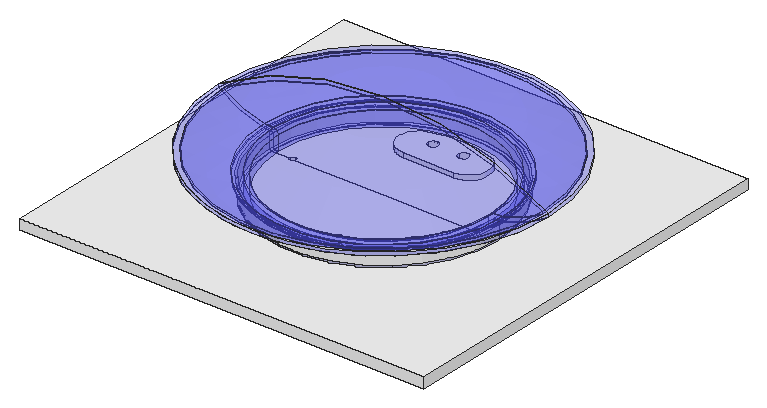
Revit family "BE_51236_de_DE", category Leuchten, Revit 2020
Family settings
  Basisbauteil = Fläche
  Bemaßung runder Anschluss = Durchmesser verwenden
  Teiletyp = Normal
  Beim Laden mit Abzugskörper schneiden = Ja
  Lichtquelle = Ja
  Gemeinsam genutzt = Nein
  Raumberechnungspunkt = Ja
Parameters (values of type "BEGA_51236_K3")
  built-in parameter 1150104 = 13.816 (stored number, unit not read)
  Wattage = 11.6 W
  Default Elevation = 0 mm
  built-in parameter 1150113 = 1 (stored number, unit not read)
  built-in parameter 1114218 = 1 (stored number, unit not read)
  Umgebungstemperatur = "25 °C"
  URL = "https://www.bega.com/de/produkt/51236"
  Typenkommentare = "© 2023 BEGA. Wir behalten uns das Recht vor, technische Änderungen ohne vorherige Ankündigung vorzunehmen."  # constant formula
  built-in parameter 1150134 = (empty or 0)
  built-in parameter 1150109 = 1 (stored number, unit not read)
  Strom = ""
  built-in parameter 1150110 = 1 (stored number, unit not read)
  Spannung = 230 V
  Sonderanfertigung = no
  Seriennummer [instance] = "Hier können Sie die eindeutige Seriennummer für das Facility Management eintragen."
  Schutzklasse = "I"
  Schutzart = "IP 20"
  Scheinlast = 0 VA
  Produktdatenblatt = "https://cdn.bega.com/bega/products/51236K27/current/documents/data-sheets/de"
  Oberflächentemperatur = ""
  Neigungswinkel = 0.00°
  Modell = "51236K3"
  Material_34 = BEGA_Oberfläche_Samtweiss_matt
  Material_11 = BEGA_Glas_opal
  M_W = no
  M_G = no
  M_A = no
  Logo = 0
  built-in parameter 1114217 = 1 (stored number, unit not read)
  built-in parameter 1150139 = (empty or 0)
  built-in parameter 1150105 = 1725 (stored number, unit not read)
  built-in parameter 1150114 = 1 (stored number, unit not read)
  Lumens = 1725.04 lm
  built-in parameter 1150115 = 1 (stored number, unit not read)
  Leuchtenlichtstrom = "1087 lm"
  Leuchtenanzahl = ""
  Lebensdauerkriterien = "L70B50 @ 25 °C = 200000 h"
  Lastklassifizierung = Beleuchtung
  built-in parameter 1150112 = 1 (stored number, unit not read)
  Lampenlichtstrom = "1725 lm"
  Lampe = "LED 11.6 W"
  LED_Modulbezeichnung = "LED-0509/930"
  Hersteller = "BEGA"  # constant formula
  Halbstreuwinkel = ""
  Gewicht = "2.1 kg"
  Gebrauchslageneinschränkung [instance] = ""
  Frequenz = "50 Hz"
  Farbwiedergabeindex = "CRI > 90"
  Farbtemperaturverschiebung bei Dämpfen der Lampe = <Keine Auswahl>
  Farbtemperatur = "3000 K"
  Color Filter = 16777215
  built-in parameter 1150133 = 10 (stored number, unit not read)
  Energieeffizienzklasse = "LED A++ - A"
  built-in parameter 1150137 = (empty or 0)
  built-in parameter 1150132 = (empty or 0)
  ENEC = ""
  Dimmbar [instance] = ""
  Datei für fotometrisches Netz = "BE_51236K3.ies"
  CE_Konformität = "ja"
  Bestellnummer = "51236K3"
  Beschreibung_Sonderanfertigung = "Hier können Sie Informationen zur Sonderanfertigung eintragen."
  Beschreibung = "Decken- und Wandleuchte"
  built-in parameter 1150106 = 17.25 (stored number, unit not read)
  Befestigungsbohrung = "Ø 5,5 mm"
  Befestigungsabstand = "180 mm"
  Ballwurfsicher = ""
  BEGA_Intern_aus = yes
  BEGA_Intern_an = yes
  BEGA_Intern_Konstruktion = yes
  BEGA_Intern = yes
  BEGA_IES = yes
  BEGA_Dummy = no
  Anschlussleitung = ""
  Anschlussleistung [instance] = "16.8 W"
  Anschlusskasten = ""
  built-in parameter 1150107 = 3000 (stored number, unit not read)
  built-in parameter 1150102 = (empty or 0)
  built-in parameter 1150138 = (empty or 0)
  Aktualisierung = "2023-01-24T04:00:04"
  Abstand_zur_angestrahlten_Fläche [instance] = ""
  AC/DC = "AC"
Types (2, lengths in mm): name | built-in parameter 1150104 | Modell | built-in parameter 1150105 | Lumens | Leuchtenlichtstrom | Lampenlichtstrom | LED_Modulbezeichnung | Farbtemperatur | Datei für fotometrisches Netz | Bestellnummer | built-in parameter 1150106 | built-in parameter 1150107
  BEGA_51236_K27 | 13.375 (stored number, unit not read) | "51236K27" | 132.9 (stored number, unit not read) | 1670.05 lm | "1052 lm" | "1670 lm" | "LED-0509/927" | "2700 K" | "BE_51236K27.ies" | "51236K27" | 1.329 (stored number, unit not read) | 2700 (stored number, unit not read)
  BEGA_51236_K3 | 13.816 (stored number, unit not read) | "51236K3" | 1725 (stored number, unit not read) | 1725.04 lm | "1087 lm" | "1725 lm" | "LED-0509/930" | "3000 K" | "BE_51236K3.ies" | "51236K3" | 17.25 (stored number, unit not read) | 3000 (stored number, unit not read)
Reference planes
  plane 1 "Mitte (Vorne/Hinten)": y = 0
  plane 2: z = 0
  plane 3 "Mitte (Links/Rechts)": x = 0
  plane 4 "Links": x = -163.5
  plane 5 "Rechts": x = 163.5
  plane 6 "Unten": y = -163.5
  plane 7 "Oben": y = 163.5
  plane 8 "Vorne": z = 90.382
  plane 9 "Hinten": z = 0
Forms (mm)
  Extrusion 1, solid, material "BEGA_Platte_Weiss"
    sketch origin (0, -1119.2, 0) x (1, 0, 0) y (0, 1, 0)
      loop
        line (-200, 1319.2) -> (-200, 919.2) -> (200, 919.2) -> (200, 1319.2) -> (-200, 1319.2)
    from 0 to -10
  Extrusion 2, solid, material "BEGA_Dummy_matt", visible <- "BEGA_Dummy"
    sketch origin (77.149, -76.023, 0) x (1, 0, 0) y (0, 1, 0)
      loop
        circle (-77.149, 76.023) r 163.501
    from 0 to 90.382
Dimensions and locks
  plane 1 "Mitte (Vorne/Hinten)" to Extrusion 1 = 200 mm
  aligned and locked: Extrusion 1 to plane 2
  aligned and locked: level to Extrusion 1
Nested families
  nested 1: "BE_51236_Leuchte" at (0, 0, 0), type "BE_51236_Leuchte"
Connectors
  electrical at (0, 0, 0), driven by "Lastklassifizierung", driven by "Spannung", driven by "Scheinlast"
    settings: index 1, voltage 230 V, apparent load 0 VA, apparent load phase1 0 VA, apparent load phase2 0 VA, apparent load phase3 0 VA, power factor 1, load classification "Beleuchtung", number of poles 1, system type 31, power factor state 1, is connector primary yes, connector utility no, sub classification motor no, connector description ""
Definition of nested family "BE_51236_Leuchte"
  Parameters (values of type "BE_51235_Leuchte")
    Default Elevation = 1 mm
    URL = "http://www.bega.de/de/produkt"
    Type Comments = "© 2015 BEGA. Wir behalten uns das Recht vor, technische Änderungen ohne vorherige Ankündigung vorzunehmen. "  # constant formula
    Type Image = (empty or 0)
    Material_34 = none
    Material_11 = none
    Länge_Platte = 200 mm  # constant formula
    Höhe_Platte = -10 mm  # constant formula
    Manufacturer = "BEGA"  # constant formula
    Breite_Platte = 200 mm  # constant formula
  Reference planes
    plane 1 "Mitte (Oben/Unten)": y = 0
    plane 2: z = 0
    plane 3 "Mitte (Links/Rechts)": x = 0
    plane 4: x = 163.5
    plane 5: x = -163.5
    plane 6: z = 0
    plane 7: z = 90.382
    plane 8: y = 163.5
    plane 9: y = -163.5
  Forms (mm)
    Extrusion 1, solid, detail levels medium
      sketch origin (0, 0, 0) x (1, 0, 0) y (0, 1, 0)
        loop
          line (-100, 100) -> (-100, -100) -> (100, -100) -> (100, 100) -> (-100, 100)
      from 0 to -10 <- "Höhe_Platte"
    Revolve 2, solid, material <- "Material_34"
      sketch origin (0, 0, 0) x (1, 0, 0) y (0, 0, 1)
        loop
          line (117.5, 19.8) -> (117.5, 20.8) -> (115.331, 20.8)
          arc (115.331, 20.8) -> (114.063, 20.284) -> (113.524, 19.025) r 1.8
          line (113.524, 19.025) -> (113.276, 4.774)
          arc (113.276, 4.774) -> (112.827, 3.73) -> (111.776, 3.3) r 1.5
          line (111.776, 3.3) -> (0, 3.3) -> (0, 2.3) -> (111.776, 2.3)
          arc (111.776, 2.3) -> (113.528, 3.017) -> (114.276, 4.756) r 2.5
          line (114.276, 4.756) -> (114.524, 19.01)
          arc (114.524, 19.01) -> (114.764, 19.571) -> (115.329, 19.8) r 0.8
          line (115.329, 19.8) -> (117.5, 19.8)
        axis (0, 2.3) -> (0, 20.8)
      angle from 0 to 360
    Extrusion 3, solid, material <- "Material_34"
      sketch origin (0, 0, 0) x (1, 0, 0) y (0, 1, 0)
        loop
          circle (-90, 0) r 7.599
        loop
          circle (90, 0) r 7.599
      from 0 to 2.285
    Extrusion 4, void
      sketch origin (0, 0, 0) x (1, 0, 0) y (0, 1, 0)
        loop
          circle (-90, 0) r 2.75
        loop
          circle (90, 0) r 2.75
      from 0 to 3.254
    Extrusion 5, solid, material <- "Material_34"
      sketch origin (0, 0, 0) x (1, 0, 0) y (0, 1, 0)
        loop
          arc (31.069, 92.586) -> (0, 97.66) -> (-31.069, 92.586) r 97.66
          arc (-31.069, 92.586) -> (-43.828, 71.425) -> (-25, 55.423) r 19.077
          line (-25, 55.423) -> (25, 55.423)
          arc (25, 55.423) -> (43.828, 71.425) -> (31.069, 92.586) r 19.077
      from 3.3 to 7.716
    Extrusion 6, void
      sketch origin (0, 0, 0) x (1, 0, 0) y (0, 1, 0)
        loop
          circle (-15, 80) r 5
        loop
          circle (15, 80) r 5
      from 2.285 to 7.716
    Revolve 7, solid, material <- "Material_11"
      sketch origin (0, 0, 0) x (1, 0, 0) y (0, 0, 1)
        loop
          line (0, 90.4) -> (0, 86.402)
          arc (0, 86.402) -> (81.402, 75.486) -> (157.052, 43.512) r 308.997
          arc (157.052, 43.512) -> (157.79, 42.192) -> (157.003, 40.901) r 1.5
          arc (157.003, 40.901) -> (138.188, 31.214) -> (117.972, 24.954) r 121.001
          line (117.972, 24.954) -> (108.557, 24.461)
          arc (108.557, 24.461) -> (105.36, 23.16) -> (103.656, 20.159) r 5.264
          line (103.656, 20.159) -> (103.656, 4.9) -> (108.766, 4.9) -> (108.766, 20.466) -> (118.5, 20.976)
          arc (118.5, 20.976) -> (141.961, 28.461) -> (163.5, 40.4) r 125.001
          line (163.5, 40.4) -> (163.5, 44.302)
          arc (163.5, 44.302) -> (84.937, 78.655) -> (0, 90.4) r 312.999
        axis (0, 4.9) -> (0, 90.4)
      angle from 0 to 360
  Cuts and joins
    Extrusion 4, Extrusion 6 cuts Revolve 2
    Extrusion 4, Extrusion 6 cuts Extrusion 3
    Extrusion 6 cuts Extrusion 5
    joined: Revolve 2, Extrusion 3, Extrusion 5
  Dimensions and locks
    equal spacing: Extrusion 1 sketch curve, plane 3 "Mitte (Links/Rechts)", Extrusion 1 sketch curve
    equal spacing: Extrusion 1 sketch curve, plane 1 "Mitte (Oben/Unten)", Extrusion 1 sketch curve
    "Länge_Platte": Extrusion 1 sketch curve to Extrusion 1 sketch curve
    "Breite_Platte": Extrusion 1 sketch curve to Extrusion 1 sketch curve
    plane 1 "Mitte (Oben/Unten)" to Extrusion 1 = 100 mm  (x3)
    aligned and locked: plane 2 to Extrusion 1
    aligned and locked: level to Extrusion 1
  Automatic sketch dimensions
    level to Revolve 2 sketch curve = 20.8 mm
    Revolve 2 sketch curve to Revolve 2 sketch curve = 2.169 mm
    Revolve 2 sketch curve to Revolve 2 sketch curve = 1 mm  (x4)
    Revolve 2 sketch curve to Revolve 2 sketch curve = 0.002 mm
    Revolve 2 sketch curve to Revolve 2 sketch curve = 0.004 mm
    Revolve 2 sketch curve to Revolve 2 sketch curve = 0.8 mm  (x2)
    Revolve 2 sketch curve to Revolve 2 sketch curve = 0 mm  (x12)
    level to Revolve 2 sketch curve = 4.756 mm
    Revolve 2 sketch curve to Revolve 2 sketch curve = 0.249 mm
    level to Revolve 2 sketch curve = 4.774 mm
    Revolve 2 sketch curve to plane 3 "Mitte (Links/Rechts)" = 0 mm
    Revolve 2 sketch curve to Revolve 2 sketch curve = 1.5 mm
    Revolve 2 sketch curve to Revolve 2 sketch curve = 0.026 mm
    level to Revolve 2 sketch curve = 2.3 mm
    Revolve 2 sketch curve to Revolve 2 sketch curve = 111.776 mm
    plane 1 "Mitte (Oben/Unten)" to Extrusion 5 sketch curve = 0 mm
    Extrusion 5 sketch curve to plane 3 "Mitte (Links/Rechts)" = 0 mm
    Extrusion 5 sketch curve to plane 3 "Mitte (Links/Rechts)" = 25 mm
    Extrusion 5 sketch curve to plane 1 "Mitte (Oben/Unten)" = 74.5 mm
    Extrusion 5 sketch curve to Extrusion 5 sketch curve = 0 mm  (x5)
    Extrusion 5 sketch curve to Extrusion 5 sketch curve = 6.069 mm  (x2)
    plane 3 "Mitte (Links/Rechts)" to Extrusion 5 sketch curve = 31.069 mm
    Extrusion 5 sketch curve to Extrusion 5 sketch curve = 50 mm
    Revolve 7 sketch curve to plane 3 "Mitte (Links/Rechts)" = 0.003 mm
    plane 3 "Mitte (Links/Rechts)" to Revolve 7 sketch curve = 0 mm
    plane 3 "Mitte (Links/Rechts)" to Revolve 7 sketch curve = 92.424 mm
    Revolve 7 sketch curve to Revolve 7 sketch curve = 0 mm  (x3)
    level to Revolve 7 sketch curve = 4.9 mm
    level to Revolve 7 sketch curve = 20.466 mm
    Revolve 7 sketch curve to Revolve 7 sketch curve = 5.111 mm
    Revolve 7 sketch curve to Revolve 7 sketch curve = 0.066 mm
    level to Revolve 7 sketch curve = 24.954 mm
    Revolve 7 sketch curve to Revolve 7 sketch curve = 9.206 mm
    level to Revolve 7 sketch curve = 20.976 mm
    Revolve 7 sketch curve to Revolve 7 sketch curve = 0.528 mm
    Revolve 7 sketch curve to Revolve 7 sketch curve = 38.318 mm
    Revolve 7 sketch curve to Revolve 7 sketch curve = 7.21 mm
    Revolve 7 sketch curve to Revolve 7 sketch curve = 0.003 mm
    Revolve 7 sketch curve to Revolve 7 sketch curve = 1.263 mm
    level to Revolve 7 sketch curve = 40.4 mm
    Revolve 7 sketch curve to Revolve 7 sketch curve = 1.82 mm
    Revolve 7 sketch curve to Revolve 7 sketch curve = 3.902 mm
    level to Revolve 7 sketch curve = 90.4 mm
    Revolve 7 sketch curve to Revolve 7 sketch curve = 0.209 mm
    Revolve 7 sketch curve to Revolve 7 sketch curve = 0.713 mm
    Revolve 7 sketch curve to Revolve 7 sketch curve = 0.308 mm
    Revolve 7 sketch curve to Revolve 7 sketch curve = 52.827 mm
    Revolve 7 sketch curve to plane 3 "Mitte (Links/Rechts)" = 0 mm
